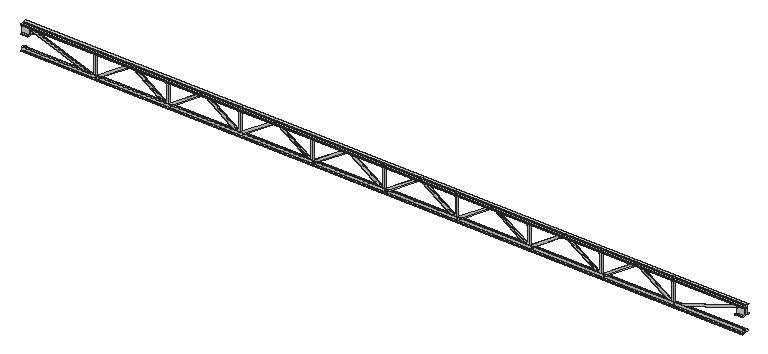
Revit family
Parameters (values of type "508VG")
  웹 두께 = 25 mm
  수직 부재 가시성 = yes
  시작 간격띄우기 [instance] = 0 mm
  상단 현재 시작 확장 [instance] = 0 mm
  SpaceNum [instance] = 10
  좌석 길이 = 150 mm
  좌석 깊이 [instance] = 190 mm
  렌더링 재료 = none
  PanelWidth [instance] = Length / SpaceNum  # 1500 mm
  PanelArrayNum [instance] = SpaceNum - 3  # 7
  Panel Point Load [instance] = 18.00 kN
  간격띄우기 길이 2 [instance] = 끝 패널 - 끝 간격띄우기 + 하단 현재 끝 확장  # 1500 mm
  간격띄우기 길이 1 [instance] = 끝 패널 - 시작 간격띄우기 + 하단 현재 시작 확장  # 1500 mm
  Girder Type = "VG"
  끝 패널 [instance] = PanelWidth  # 1500 mm
  끝 간격띄우기 [instance] = 0 mm
  상단 현재 끝 확장 [instance] = 0 mm
  Depth = 508 mm
  현재 다리 = 63.5 mm
  현재 두께 = 12.5 mm
  하단 현재 시작 확장 [instance] = 0 mm
  하단 현재 끝 확장 [instance] = 0 mm
  Assembly Code = "B1010350"
  Length [instance] = 15000 mm
Reference planes
  plane 1 "중심(앞/뒤)": y = 0
  plane 2: z = 0
  plane 3 "중심(왼쪽/오른쪽)": x = 689.576
  plane 4 "왼쪽 부재": x = -5888.19
  plane 5 "오른쪽 부재": x = 6786.41
  plane 6: y = 76
  plane 7: y = -76
  plane 8: z = 254
  plane 9: z = -254
  plane 10 "왼쪽": x = -6810.424
  plane 11 "기호를 왼쪽에 부착": x = -5837.39
  plane 12 "기호를 오른쪽에 부착": x = 6735.61
  plane 13 "오른쪽": x = 8189.576
  plane 14: z = 64
  plane 15: x = -6660.424
  plane 16: x = -5310.424
  plane 17: x = 8039.576
  plane 18: x = 6689.576
  plane 19: y = 12.5
  plane 20: y = -12.5
  plane 21: z = 190.5
  plane 22: z = -190.5
  plane 23: z = -247.65
  plane 24: z = 247.65
  plane 25: x = -6810.424
  plane 26: x = 8189.576
  plane 27: x = -6810.424
  plane 28: x = 8189.576
  plane 29: x = 5189.576
  plane 30: x = -6810.424
  plane 31: x = 8189.576
  plane 32: x = -3810.424
Forms (mm)
  Extrusion 1, solid, material <- "렌더링 재료", detail levels medium+fine
    sketch origin (689.576, 0, 0) x (0, 1, 0) y (0, 0, 1)
      loop
        line (76, 254) -> (12.5, 254) -> (12.5, 190.5) -> (25, 190.5) -> (25, 241.5) -> (76, 241.5) -> (76, 254)
      loop
        line (-76, 254) -> (-76, 241.5) -> (-25, 241.5) -> (-25, 190.5) -> (-12.5, 190.5) -> (-12.5, 254) -> (-76, 254)
    from -7500 to 7500
  Extrusion 2, solid, material <- "렌더링 재료", detail levels medium+fine
    sketch origin (689.576, 0, 0) x (0, 1, 0) y (0, 0, 1)
      loop
        line (12.5, -190.5) -> (12.5, -254) -> (76, -254) -> (76, -241.5) -> (25, -241.5) -> (25, -190.5) -> (12.5, -190.5)
      loop
        line (-12.5, -190.5) -> (-25, -190.5) -> (-25, -241.5) -> (-76, -241.5) -> (-76, -254) -> (-12.5, -254) -> (-12.5, -190.5)
    from -7500 to 7500
  Extrusion 3, solid, material <- "렌더링 재료", detail levels medium+fine
    sketch origin (689.576, 0, 0) x (0, 1, 0) y (0, 0, 1)
      loop
        line (76, 64) -> (76, 76.5) -> (25, 76.5) -> (25, 190.5) -> (12.5, 190.5) -> (12.5, 64) -> (76, 64)
      loop
        line (-76, 64) -> (-12.5, 64) -> (-12.5, 190.5) -> (-25, 190.5) -> (-25, 76.5) -> (-76, 76.5) -> (-76, 64)
    from 7350 to 7500
  Extrusion 4, solid, material <- "렌더링 재료", detail levels medium+fine
    sketch origin (689.576, 0, 0) x (0, 1, 0) y (0, 0, 1)
      loop
        line (-76, 64) -> (-12.5, 64) -> (-12.5, 190.5) -> (-25, 190.5) -> (-25, 76.5) -> (-76, 76.5) -> (-76, 64)
      loop
        line (12.5, 64) -> (76, 64) -> (76, 76.5) -> (25, 76.5) -> (25, 190.5) -> (12.5, 190.5) -> (12.5, 64)
    from -7500 to -7350
  Sweep 5, solid, material <- "렌더링 재료", detail levels fine
    path in 3D
      loop
        line (6689.576, 0, -247.65) -> (8039.576, 0, 190.5)
    profile "웹-프로파일 : 웹-프로파일" origin (7364.576, 0, -28.575) x (-0.308704, 0, 0.951158) y (0, -1, 0)
      loop
        line (-25.4, 18.85) -> (-25.4, 6.15) -> (25.4, 6.15) -> (25.4, 18.85) -> (-25.4, 18.85)
  Sweep 6, solid, material <- "렌더링 재료", detail levels fine
    path in 3D
      loop
        line (-6660.424, 0, 190.5) -> (-5310.424, 0, -247.65)
    profile "웹-프로파일 : 웹-프로파일" origin (-5985.424, 0, -28.575) x (0.308704, 0, 0.951158) y (0, -1, 0)
      loop
        line (-25.4, 6.35) -> (-25.4, -6.35) -> (25.4, -6.35) -> (25.4, 6.35) -> (-25.4, 6.35)
Lines and regions (mm)
  symbolic lines, style "StructuralFraming", detail levels coarse
    curve 1: line (0, 76, 254) -> (0, 12.5, 254)
    curve 2: line (0, -76, -254) -> (0, -12.5, -254)
    curve 12: line (0, 12.5, -254) -> (0, 76, -254)
    curve 13: line (689.576, 12.5, -254) -> (689.576, 12.5, -190.5)
    curve 14: line (689.576, -12.5, -254) -> (689.576, -12.5, -190.5)
    curve 15: line (689.576, -12.5, 254) -> (689.576, -12.5, 190.5)
    curve 16: line (689.576, 12.5, 254) -> (689.576, 12.5, 190.5)
    curve 17: line (0, -12.5, 254) -> (0, -76, 254)
  symbolic lines, style "StructuralFraming", detail levels coarse+medium
    curve 3: line (0, 0, -254) -> (0, 0, 254)
  reference lines
    curve 4: line (-5687.39, 0, -377.508) -> (-5687.39, 0, 333.692)
    curve 5: line (-4187.39, 0, -383.858) -> (-4187.39, 0, 333.692)
    curve 6: line (6585.61, 0, -324.588) -> (6585.61, 0, 335.812)
    curve 7: line (5085.61, 0, -451.588) -> (5085.61, 0, 335.812)
  model lines, style "조이스트 대들보", detail levels coarse
    curve 8: line (5085.61, 0, -254) -> (-4187.39, 0, -254)
    curve 9: line (6735.61, 0, 254) -> (-5837.39, 0, 254)
  model lines, style "StructuralFraming", detail levels medium
    curve 10: line (-6660.424, 0, 190.5) -> (-5310.424, 0, -247.65)
    curve 11: line (6689.576, 0, -247.65) -> (8039.576, 0, 190.5)
  model lines, style "웹 조이스트", detail levels coarse
    curve 18: line (-4187.39, 0, -254) -> (-5687.39, 0, 254)
    curve 19: line (5085.61, 0, -254) -> (6585.61, 0, 254)
  sketch lines
    curve 20: line (6689.576, 0, -247.65) -> (8039.576, 0, 190.5)
    curve 21: line (-6660.424, 0, 190.5) -> (-5310.424, 0, -247.65)
  symbolic lines, detail levels fine
    curve 22: line (689.576, 12.5, 247.65) -> (689.576, -12.5, 247.65)
    curve 23: line (689.576, 12.5, -247.65) -> (689.576, -12.5, -247.65)
    curve 24: line (689.576, 12.5, -190.5) -> (689.576, 12.5, 190.5)
    curve 25: line (689.576, -12.5, -190.5) -> (689.576, -12.5, 190.5)
Dimensions and locks
  equal spacing: plane 9, plane 2, plane 8
  "Length": plane 10 "왼쪽" to plane 13 "오른쪽"
  equal spacing: plane 10 "왼쪽", plane 3 "중심(왼쪽/오른쪽)", plane 13 "오른쪽"
  "좌석 길이": curve 4 to plane 11 "기호를 왼쪽에 부착"
  "끝 패널": curve 5 to curve 4
  "좌석 길이": curve 6 to plane 12 "기호를 오른쪽에 부착"
  "끝 패널": curve 6 to curve 7
  "Depth": plane 9 to plane 8
  "좌석 깊이": plane 8 to plane 14
  "끝 패널": plane 10 "왼쪽" to plane 16
  "끝 패널": plane 13 "오른쪽" to plane 18
  "웹 두께": plane 19 to plane 20
  equal spacing: plane 19, plane 1 "중심(앞/뒤)", plane 20
  "현재 다리": plane 20 to plane 7
  "현재 다리": plane 6 to plane 19
  "현재 다리": plane 9 to plane 22
  "현재 다리": plane 21 to plane 8
  "현재 두께": plane 8 to Extrusion 1 sketch curve
  "현재 두께": Extrusion 1 sketch curve to plane 8
  "현재 두께": plane 20 to Extrusion 1 sketch curve
  "현재 두께": Extrusion 1 sketch curve to plane 19
  "현재 두께": plane 9 to Extrusion 2 sketch curve  (x2)
  "현재 두께": Extrusion 2 sketch curve to plane 19
  "현재 두께": plane 20 to Extrusion 2 sketch curve
  "현재 두께": plane 14 to Extrusion 3 sketch curve  (x2)
  "현재 두께": plane 20 to Extrusion 3 sketch curve
  "현재 두께": Extrusion 3 sketch curve to plane 19
  "현재 두께": plane 14 to Extrusion 4 sketch curve  (x2)
  "현재 두께": Extrusion 4 sketch curve to plane 19
  "현재 두께": plane 20 to Extrusion 4 sketch curve
  locked: plane 23 to plane 9 at 6.35
  locked: plane 8 to plane 24 at 6.35
  "시작 간격띄우기": plane 10 "왼쪽" to plane 27
  "좌석 길이": plane 27 to plane 15
  "상단 현재 시작 확장": plane 25 to plane 27
  "끝 간격띄우기": plane 28 to plane 13 "오른쪽"
  "좌석 길이": plane 17 to plane 28
  "상단 현재 끝 확장": plane 28 to plane 26
  "PanelWidth": plane 18 to plane 29
  "간격띄우기 길이 1": plane 16 to plane 30
  "간격띄우기 길이 2": plane 31 to plane 18
  "PanelWidth": plane 16 to plane 32
  equal spacing: group 1, group 2, group 3, group 4, group 5, group 6, group 7  (x3)
  aligned and locked: curve 8 to plane 9
  aligned and locked: curve 9 to plane 8
  aligned and locked: plane 11 "기호를 왼쪽에 부착" to curve 9
  aligned and locked: curve 5 to curve 8
  aligned and locked: curve 7 to curve 8
  aligned and locked: plane 8 to Extrusion 1 sketch curve
  aligned and locked: Extrusion 1 sketch curve to plane 8
  aligned and locked: plane 6 to Extrusion 1 sketch curve
  aligned and locked: plane 7 to Extrusion 1 sketch curve
  aligned and locked: Extrusion 1 sketch curve to plane 21
  aligned and locked: plane 21 to Extrusion 1 sketch curve
  aligned and locked: plane 9 to Extrusion 2 sketch curve
  aligned and locked: Extrusion 2 sketch curve to plane 9
  aligned and locked: plane 6 to Extrusion 2 sketch curve
  aligned and locked: plane 7 to Extrusion 2 sketch curve
  aligned and locked: plane 19 to Extrusion 2 sketch curve
  aligned and locked: plane 20 to Extrusion 2 sketch curve
  aligned and locked: Extrusion 2 sketch curve to plane 22
  aligned and locked: plane 22 to Extrusion 2 sketch curve
  aligned and locked: Extrusion 3 sketch curve to plane 7
  aligned and locked: plane 14 to Extrusion 3 sketch curve
  aligned and locked: Extrusion 3 sketch curve to plane 14
  aligned and locked: Extrusion 3 sketch curve to plane 6
  aligned and locked: Extrusion 3 sketch curve to plane 20
  aligned and locked: Extrusion 3 sketch curve to plane 19
  aligned and locked: Extrusion 3 sketch curve to plane 21
  aligned and locked: plane 21 to Extrusion 3 sketch curve
  aligned and locked: Extrusion 3 to plane 17
  aligned and locked: plane 6 to Extrusion 4 sketch curve
  aligned and locked: Extrusion 4 sketch curve to plane 7
  aligned and locked: Extrusion 4 sketch curve to plane 19
  aligned and locked: plane 20 to Extrusion 4 sketch curve
  aligned and locked: plane 21 to Extrusion 4 sketch curve  (x2)
  aligned and locked: Extrusion 4 sketch curve to plane 14  (x2)
  aligned and locked: plane 15 to Extrusion 4
  aligned and locked: Extrusion 2 to curve 13
  aligned and locked: curve 13 to Extrusion 2
  aligned and locked: curve 2 to curve 14
  aligned and locked: curve 14 to Extrusion 2
  aligned and locked: Extrusion 1 to curve 15
  aligned and locked: curve 15 to Extrusion 1
  aligned and locked: curve 16 to Extrusion 1  (x2)
  aligned and locked: curve 1 to Extrusion 1
  aligned and locked: plane 12 "기호를 오른쪽에 부착" to curve 9
  aligned and locked: curve 11 to Extrusion 3
  aligned and locked: curve 4 to curve 18
  aligned and locked: curve 6 to curve 19
  aligned and locked: plane 25 to Extrusion 1
  aligned and locked: Extrusion 3 to plane 26
  aligned and locked: Extrusion 1 to plane 26
  aligned and locked: plane 25 to Extrusion 4
  aligned and locked: plane 15 to curve 10
  aligned and locked: Extrusion 1 to curve 10
  aligned and locked: plane 17 to curve 11
  aligned and locked: plane 1 "중심(앞/뒤)" to nested 1
  aligned and locked: nested 1 to plane 16
  aligned and locked: plane 9 to nested 1
  aligned and locked: plane 23 to curve 10
  aligned and locked: plane 16 to curve 10
  aligned and locked: plane 18 to curve 11
  aligned and locked: plane 23 to curve 11
  aligned and locked: Extrusion 2 to plane 30
  aligned and locked: plane 31 to Extrusion 2
  aligned and locked: plane 32 to nested 2
  aligned and locked: nested 2 to plane 8
  aligned and locked: plane 1 "중심(앞/뒤)" to nested 8
  aligned and locked: plane 29 to nested 8
  aligned and locked: nested 8 to plane 8
Automatic sketch dimensions
  Extrusion 1 sketch curve to plane 20 = 0 mm
  Extrusion 1 sketch curve to plane 19 = 0 mm
  curve 12 to plane 6 = 0 mm
  curve 1 to plane 6 = 0 mm
  curve 12 to plane 9 = 0 mm
  curve 12 to plane 19 = 0 mm
  curve 1 to plane 19 = 0 mm
  curve 17 to plane 8 = 0 mm
  curve 17 to plane 20 = 0 mm
  curve 17 to plane 7 = 0 mm
  plane 9 to curve 7 = 197.588 mm
  plane 9 to curve 5 = 129.858 mm
  plane 9 to curve 4 = 123.508 mm
  plane 9 to curve 6 = 70.588 mm
  curve 5 to plane 8 = 79.692 mm
  curve 4 to plane 8 = 79.692 mm
  curve 7 to plane 8 = 81.812 mm
  curve 6 to plane 8 = 81.812 mm
  curve 2 to plane 7 = 0 mm
  curve 2 to plane 9 = 0 mm
  curve 2 to plane 20 = 0 mm
  curve 3 to plane 1 "중심(앞/뒤)" = 0 mm
  curve 3 to plane 9 = 0 mm
  curve 23 to plane 23 = 0 mm
  curve 25 to plane 22 = 0 mm
  curve 24 to plane 22 = 0 mm
  curve 16 to plane 21 = 0 mm
  curve 15 to plane 21 = 0 mm
  curve 22 to plane 24 = 0 mm
  curve 3 to plane 8 = 0 mm
Nested families
  nested 1: "VG 경사 웨브" at (-5310.424, 0, 0), type "VG 경사 웨브"
  nested 2: "VG 경사 웨브" at (-3810.424, 0, 0), type "VG 경사 웨브"
  nested 3: "VG 경사 웨브" at (-2310.424, 0, 0), type "VG 경사 웨브"
  nested 4: "VG 경사 웨브" at (-810.424, 0, 0), type "VG 경사 웨브"
  nested 5: "VG 경사 웨브" at (689.576, 0, 0), type "VG 경사 웨브"
  nested 6: "VG 경사 웨브" at (2189.576, 0, 0), type "VG 경사 웨브"
  nested 7: "VG 경사 웨브" at (3689.576, 0, 0), type "VG 경사 웨브"
  nested 8: "VG 경사 웨브-오른쪽" at (5189.576, 0, 0), type "VG 경사 웨브-오른쪽"
Definition of nested family "VG 경사 웨브"
  Parameters (values of type "VG 경사 웨브")
    웹 재료 = none
    웹 두께 = 두께 / 2  # 12.5 mm
    웹 간격띄우기 = 웹 다리 / 2  # 25.4 mm
    웹 다리 = 50.8 mm
    수직 부재 가시성 = yes
    두께 = 25 mm
    PanelHeight = 508 mm
    PanelWidth = 1500 mm
    Assembly Code = ""
  Reference planes
    plane 1 "중심(앞/뒤)": y = 0
    plane 2: z = 0
    plane 3 "중심(왼쪽/오른쪽)": x = 0
    plane 4: x = 1500
    plane 5: x = 750
    plane 6: z = -254
    plane 7: z = -228.6
    plane 8: z = 229
    plane 9: z = 254
    plane 10: y = -12.5
    plane 11: y = 12.5
    plane 12: z = 190.5
    plane 13: z = -190.5
  Forms (mm)
    Sweep 1, solid, material <- "웹 재료", detail levels fine
      path in 3D
        loop
          line (0, 0, -228.6) -> (25.4, 0, -228.6) -> (724.6, 0, 229) -> (775.4, 0, 229)
      profile origin (12.7, 0, -228.6) x (0, 0, 1) y (0, -1, 0)
        loop
          line (25.4, 0) -> (25.4, 12.5) -> (-25.4, 12.5) -> (-25.4, 0) -> (25.4, 0)
    Sweep 2, solid, material <- "웹 재료", detail levels fine
      path in 3D
        loop
          line (1500, 0, -228.6) -> (1474.6, 0, -228.6) -> (775.4, 0, 229) -> (724.6, 0, 229)
      profile origin (1487.3, 0, -228.6) x (0, 0, -1) y (0, -1, 0)
        loop
          line (-25.4, -12.5) -> (25.4, -12.5) -> (25.4, 0) -> (-25.4, 0) -> (-25.4, -12.5)
    Sweep 3, solid, material <- "웹 재료", detail levels fine
      path in 3D
        loop
          line (108.114, -12.5, -204.823) -> (717.145, -12.5, 193.765)
      profile origin (412.629, -12.5, -5.529) x (-0.54761, 0, 0.836733) y (0, -1, 0)
        loop
          line (0, 0) -> (12.5, 0) -> (12.5, 38.3) -> (0, 38.3) -> (0, 0)
    Sweep 4, solid, material <- "웹 재료", detail levels fine
      path in 3D
        loop
          line (1391.886, 12.5, -204.823) -> (782.855, 12.5, 193.765)
      profile origin (1087.371, 12.5, -5.529) x (0.54761, 0, 0.836733) y (0, 1, 0)
        loop
          line (0, 0) -> (12.5, 0) -> (12.5, 38.3) -> (0, 38.3) -> (0, 0)
    Sweep 5, solid, material <- "웹 재료", visible <- "수직 부재 가시성", detail levels fine
      path origin (0, 0, 0) x (1, 0, 0) y (0, 1, 0)
        loop
          line (0, 12.5) -> (0, -12.5)
      profile origin (0, 0, 0) x (1, 0, 0) y (0, 0, 1)
        loop
          line (-25.4, 254) -> (-25.4, 171.45) -> (-14.287, 160.338) -> (-14.287, -160.338) -> (-25.4, -171.45) -> (-25.4, -254) -> (25.4, -254) -> (25.4, 254) -> (-25.4, 254)
  Cuts and joins
    joined: Sweep 2, Sweep 4
  Lines and regions (mm)
    model lines, style "InvisibleLines"
      curve 1: line (0, 0, -254) -> (0, 0, 254)
      curve 2: line (0, 0, 254) -> (1500, 0, 254)
      curve 3: line (1500, 0, 254) -> (1500, 0, -254)
      curve 4: line (1500, 0, -254) -> (0, 0, -254)
    model lines, style "StructuralFraming", detail levels medium
      curve 5: line (724.6, 0, 229) -> (775.4, 0, 229)
      curve 6: line (0, 0, -228.6) -> (25.4, 0, -228.6)
      curve 7: line (1500, 0, -228.6) -> (1474.6, 0, -228.6)
      curve 8: line (25.4, 0, -228.6) -> (724.6, 0, 229)
      curve 9: line (775.4, 0, 229) -> (1474.6, 0, -228.6)
    sketch lines
      curve 10: line (0, 0, -228.6) -> (25.4, 0, -228.6)
      curve 11: line (25.4, 0, -228.6) -> (724.6, 0, 229)
      curve 12: line (724.6, 0, 229) -> (775.4, 0, 229)
      curve 13: line (1500, 0, -228.6) -> (1474.6, 0, -228.6)
      curve 14: line (775.4, 0, 229) -> (1474.6, 0, -228.6)
      curve 15: line (724.6, 0, 229) -> (775.4, 0, 229)
      curve 16: line (108.114, -12.5, -204.823) -> (717.145, -12.5, 193.765)
      curve 17: line (1391.886, 12.5, -204.823) -> (782.855, 12.5, 193.765)
    model lines, visible <- "수직 부재 가시성", detail levels medium
      curve 18: line (0, 0, 254) -> (0, 0, -254)
  Dimensions and locks
    "PanelWidth": plane 4 to plane 3 "중심(왼쪽/오른쪽)"
    equal spacing: plane 4, plane 5, plane 3 "중심(왼쪽/오른쪽)"
    plane 7 to plane 6 = 25.4 mm
    "두께": plane 9 to plane 8
    "PanelHeight": plane 9 to plane 6
    equal spacing: plane 9, plane 2, plane 6
    "두께": plane 11 to plane 10
    equal spacing: plane 11, plane 1 "중심(앞/뒤)", plane 10
    locked: plane 9 to plane 12 at 63.5
    plane 13 to plane 6 = 63.5 mm
    "웹 간격띄우기": plane 7 to plane 6
    "웹 간격띄우기": curve 6 to plane 3 "중심(왼쪽/오른쪽)"
    "웹 간격띄우기": curve 7 to plane 4
    "웹 간격띄우기": plane 5 to curve 5
    "웹 간격띄우기": curve 5 to plane 5
    "웹 다리": Sweep 1 sketch curve to Sweep 1 sketch curve
    equal spacing: Sweep 1 sketch curve, plane 7, Sweep 1 sketch curve
    equal spacing: Sweep 2 sketch curve, profile plane, Sweep 2 sketch curve
    "웹 다리": Sweep 2 sketch curve to Sweep 2 sketch curve
    "웹 다리": plane 1 "중심(앞/뒤)" to Sweep 3 sketch curve
    "웹 두께": Sweep 3 sketch curve to Sweep 3 sketch curve
    "웹 다리": plane 1 "중심(앞/뒤)" to Sweep 4 sketch curve
    "웹 두께": Sweep 4 sketch curve to Sweep 4 sketch curve
    equal spacing: Sweep 5 sketch curve, plane 3 "중심(왼쪽/오른쪽)", Sweep 5 sketch curve
    "웹 다리": Sweep 5 sketch curve to Sweep 5 sketch curve  (x2)
    locked: Sweep 5 sketch curve to Sweep 5 sketch curve at 82.55  (x2)
    locked: Sweep 5 sketch curve to Sweep 5 sketch curve at 11.113
    equal spacing: Sweep 5 sketch curve, plane 2, Sweep 5 sketch curve
    locked: Sweep 5 sketch curve to Sweep 5 sketch curve (angle 45.00°)  (x2)
    aligned and locked: plane 8 to curve 5
    aligned and locked: curve 7 to plane 7
    aligned and locked: plane 7 to curve 6
    aligned and locked: plane 10 to Sweep 1 sketch curve
    aligned and locked: Sweep 1 sketch curve to plane 1 "중심(앞/뒤)"
    aligned and locked: Sweep 2 sketch curve to plane 11
    aligned and locked: profile plane to Sweep 2 sketch curve
    aligned and locked: Sweep 1 to curve 16
    aligned and locked: Sweep 3 sketch curve to profile plane
    aligned and locked: plane 10 to Sweep 3 sketch curve
    aligned and locked: Sweep 4 sketch curve to plane 11
    aligned and locked: profile plane to Sweep 4 sketch curve
    aligned and locked: plane 11 to Sweep 5 sketch curve
    aligned and locked: plane 10 to Sweep 5 sketch curve
    aligned and locked: Sweep 5 sketch curve to plane 3 "중심(왼쪽/오른쪽)"
    aligned and locked: Sweep 5 sketch curve to plane 6
    aligned and locked: Sweep 5 sketch curve to plane 9
    aligned and locked: curve 18 to plane 3 "중심(왼쪽/오른쪽)"
    aligned and locked: plane 9 to curve 18
    aligned and locked: plane 6 to curve 18
  Automatic sketch dimensions
    curve 3 to plane 4 = 0 mm
Definition of nested family "VG 경사 웨브-오른쪽"
  Parameters (values of type "VG 경사 웨브-오른쪽")
    웹 재료 = none
    웹 두께 = 두께 / 2  # 12.5 mm
    웹 간격띄우기 = 웹 다리 / 2  # 25.4 mm
    웹 다리 = 50.8 mm
    수직 부재 가시성 = yes
    두께 = 25 mm
    PanelHeight = 508 mm
    PanelWidth = 1500 mm
    Assembly Code = ""
  Reference planes
    plane 1 "중심(앞/뒤)": y = 0
    plane 2: z = 0
    plane 3 "중심(왼쪽/오른쪽)": x = 0
    plane 4: x = 1500
    plane 5: x = 750
    plane 6: z = -254
    plane 7: z = -228.6
    plane 8: z = 229
    plane 9: z = 254
    plane 10: y = -12.5
    plane 11: y = 12.5
    plane 12: z = 190.5
    plane 13: z = -190.5
  Forms (mm)
    Sweep 1, solid, material <- "웹 재료", detail levels fine
      path in 3D
        loop
          line (0, 0, -228.6) -> (25.4, 0, -228.6) -> (724.6, 0, 229) -> (775.4, 0, 229)
      profile origin (12.7, 0, -228.6) x (0, 0, 1) y (0, -1, 0)
        loop
          line (25.4, 0) -> (25.4, 12.5) -> (-25.4, 12.5) -> (-25.4, 0) -> (25.4, 0)
    Sweep 2, solid, material <- "웹 재료", detail levels fine
      path in 3D
        loop
          line (1500, 0, -228.6) -> (1474.6, 0, -228.6) -> (775.4, 0, 229) -> (724.6, 0, 229)
      profile origin (1487.3, 0, -228.6) x (0, 0, -1) y (0, -1, 0)
        loop
          line (-25.4, -12.5) -> (25.4, -12.5) -> (25.4, 0) -> (-25.4, 0) -> (-25.4, -12.5)
    Sweep 3, solid, material <- "웹 재료", detail levels fine
      path in 3D
        loop
          line (108.114, -12.5, -204.823) -> (717.145, -12.5, 193.765)
      profile origin (412.629, -12.5, -5.529) x (-0.54761, 0, 0.836733) y (0, -1, 0)
        loop
          line (0, 0) -> (12.5, 0) -> (12.5, 38.3) -> (0, 38.3) -> (0, 0)
    Sweep 4, solid, material <- "웹 재료", detail levels fine
      path in 3D
        loop
          line (1391.886, 12.5, -204.823) -> (782.855, 12.5, 193.765)
      profile origin (1087.371, 12.5, -5.529) x (0.54761, 0, 0.836733) y (0, 1, 0)
        loop
          line (0, 0) -> (12.5, 0) -> (12.5, 38.3) -> (0, 38.3) -> (0, 0)
    Sweep 5, solid, material <- "웹 재료", visible <- "수직 부재 가시성", detail levels fine
      path origin (0, 0, 0) x (1, 0, 0) y (0, 1, 0)
        loop
          line (0, 12.5) -> (0, -12.5)
      profile origin (0, 0, 0) x (1, 0, 0) y (0, 0, 1)
        loop
          line (-25.4, 254) -> (-25.4, 171.45) -> (-14.287, 160.337) -> (-14.287, -160.337) -> (-25.4, -171.45) -> (-25.4, -254) -> (25.4, -254) -> (25.4, 254) -> (-25.4, 254)
    Sweep 6, solid, material <- "웹 재료", visible <- "수직 부재 가시성", detail levels fine
      path origin (0, 0, 0) x (1, 0, 0) y (0, 1, 0)
        loop
          line (1500, 12.5) -> (1500, -12.5)
      profile origin (1500, 0, 0) x (1, 0, 0) y (0, 0, 1)
        loop
          line (-25.4, 254) -> (-25.4, 171.45) -> (-14.288, 160.337) -> (-14.288, -160.337) -> (-25.4, -171.45) -> (-25.4, -254) -> (25.4, -254) -> (25.4, 254) -> (-25.4, 254)
  Cuts and joins
    joined: Sweep 1, Sweep 3
  Lines and regions (mm)
    model lines, style "InvisibleLines"
      curve 1: line (0, 0, -254) -> (0, 0, 254)
      curve 2: line (0, 0, 254) -> (1500, 0, 254)
      curve 3: line (1500, 0, 254) -> (1500, 0, -254)
      curve 4: line (1500, 0, -254) -> (0, 0, -254)
    model lines, style "StructuralFraming", detail levels medium
      curve 5: line (724.6, 0, 229) -> (775.4, 0, 229)
      curve 6: line (0, 0, -228.6) -> (25.4, 0, -228.6)
      curve 7: line (1500, 0, -228.6) -> (1474.6, 0, -228.6)
      curve 8: line (25.4, 0, -228.6) -> (724.6, 0, 229)
      curve 9: line (775.4, 0, 229) -> (1474.6, 0, -228.6)
    sketch lines
      curve 10: line (0, 0, -228.6) -> (25.4, 0, -228.6)
      curve 11: line (25.4, 0, -228.6) -> (724.6, 0, 229)
      curve 12: line (724.6, 0, 229) -> (775.4, 0, 229)
      curve 13: line (1500, 0, -228.6) -> (1474.6, 0, -228.6)
      curve 14: line (775.4, 0, 229) -> (1474.6, 0, -228.6)
      curve 15: line (724.6, 0, 229) -> (775.4, 0, 229)
      curve 16: line (108.114, -12.5, -204.823) -> (717.145, -12.5, 193.765)
      curve 17: line (1391.886, 12.5, -204.823) -> (782.855, 12.5, 193.765)
    model lines, visible <- "수직 부재 가시성", detail levels medium
      curve 18: line (0, 0, 254) -> (0, 0, -254)
      curve 19: line (1500, 0, 254) -> (1500, 0, -254)
  Dimensions and locks
    "PanelWidth": plane 4 to plane 3 "중심(왼쪽/오른쪽)"
    equal spacing: plane 4, plane 5, plane 3 "중심(왼쪽/오른쪽)"
    plane 7 to plane 6 = 25.4 mm
    "두께": plane 9 to plane 8
    "PanelHeight": plane 9 to plane 6
    equal spacing: plane 9, plane 2, plane 6
    "두께": plane 11 to plane 10
    equal spacing: plane 11, plane 1 "중심(앞/뒤)", plane 10
    locked: plane 9 to plane 12 at 63.5
    plane 13 to plane 6 = 63.5 mm
    "웹 간격띄우기": plane 7 to plane 6
    "웹 간격띄우기": curve 6 to plane 3 "중심(왼쪽/오른쪽)"
    "웹 간격띄우기": curve 7 to plane 4
    "웹 간격띄우기": plane 5 to curve 5
    "웹 간격띄우기": curve 5 to plane 5
    "웹 다리": Sweep 1 sketch curve to Sweep 1 sketch curve
    equal spacing: Sweep 1 sketch curve, plane 7, Sweep 1 sketch curve
    equal spacing: Sweep 2 sketch curve, profile plane, Sweep 2 sketch curve
    "웹 다리": Sweep 2 sketch curve to Sweep 2 sketch curve
    "웹 다리": plane 1 "중심(앞/뒤)" to Sweep 3 sketch curve
    "웹 두께": Sweep 3 sketch curve to Sweep 3 sketch curve
    "웹 다리": plane 1 "중심(앞/뒤)" to Sweep 4 sketch curve
    "웹 두께": Sweep 4 sketch curve to Sweep 4 sketch curve
    equal spacing: Sweep 5 sketch curve, plane 3 "중심(왼쪽/오른쪽)", Sweep 5 sketch curve
    "웹 다리": Sweep 5 sketch curve to Sweep 5 sketch curve  (x2)
    locked: Sweep 5 sketch curve to Sweep 5 sketch curve at 82.55  (x2)
    locked: Sweep 5 sketch curve to Sweep 5 sketch curve at 11.113
    equal spacing: Sweep 5 sketch curve, plane 2, Sweep 5 sketch curve
    equal spacing: Sweep 6 sketch curve, plane 4, Sweep 6 sketch curve
    "웹 다리": Sweep 6 sketch curve to Sweep 6 sketch curve  (x2)
    locked: Sweep 6 sketch curve to Sweep 6 sketch curve at 82.55  (x2)
    locked: Sweep 6 sketch curve to Sweep 6 sketch curve at 11.113
    equal spacing: Sweep 6 sketch curve, plane 2, Sweep 6 sketch curve
    locked: Sweep 5 sketch curve to Sweep 5 sketch curve (angle 45.00°)  (x2)
    locked: Sweep 6 sketch curve to Sweep 6 sketch curve (angle 45.00°)  (x2)
    aligned and locked: plane 8 to curve 5
    aligned and locked: curve 7 to plane 7
    aligned and locked: plane 7 to curve 6
    aligned and locked: plane 10 to Sweep 1 sketch curve
    aligned and locked: Sweep 1 sketch curve to plane 1 "중심(앞/뒤)"
    aligned and locked: Sweep 2 sketch curve to plane 11
    aligned and locked: profile plane to Sweep 2 sketch curve
    aligned and locked: Sweep 1 to curve 16
    aligned and locked: Sweep 3 sketch curve to profile plane
    aligned and locked: plane 10 to Sweep 3 sketch curve
    aligned and locked: Sweep 4 sketch curve to plane 11
    aligned and locked: profile plane to Sweep 4 sketch curve
    aligned and locked: plane 11 to Sweep 5 sketch curve
    aligned and locked: plane 10 to Sweep 5 sketch curve
    aligned and locked: Sweep 5 sketch curve to plane 3 "중심(왼쪽/오른쪽)"
    aligned and locked: Sweep 5 sketch curve to plane 6
    aligned and locked: Sweep 5 sketch curve to plane 9
    aligned and locked: curve 18 to plane 3 "중심(왼쪽/오른쪽)"
    aligned and locked: plane 9 to curve 18
    aligned and locked: plane 6 to curve 18
    aligned and locked: plane 4 to Sweep 6 sketch curve
    aligned and locked: Sweep 6 sketch curve to plane 11
    aligned and locked: Sweep 6 sketch curve to plane 10
    aligned and locked: plane 9 to Sweep 6 sketch curve
    aligned and locked: Sweep 6 sketch curve to plane 6
    aligned and locked: plane 4 to curve 19
    aligned and locked: curve 19 to plane 9
    aligned and locked: plane 6 to curve 19
